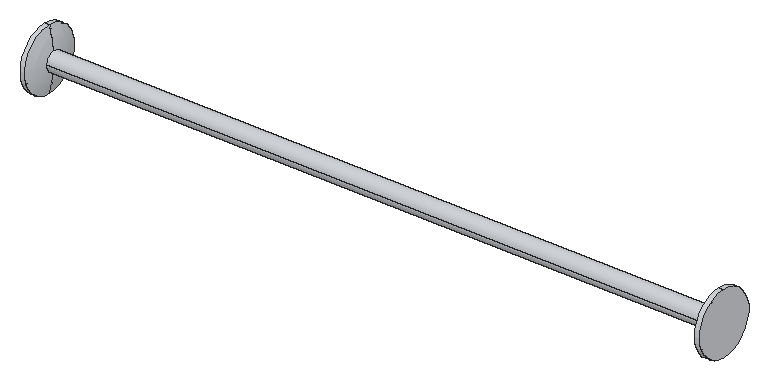
Revit family
Parameters
  Width = 0"
  Warranty Information = "n/a"
  Version = "1.0"
  URL = "http://www.bradleycorp.com/"
  Technical Data = "n/a"
  Percentage of Recycled Content = 0
  OmniClass Title = "Shower Rods"
  OmniClass Code = "23-31 17 31"
  Modeling Code = "n/a"
  Model = "9538-036 BradEX"
  Material Note = "n/a"
  Material = ""
  MasterFormat Title = "Commercial Toilet Accessories"
  MasterFormat Number = "10 28 13.13"
  Manufacturer = "Bradley Corporation"
  Low Emitting Material = yes
  Low Emitting Finish = yes
  Length = 36"
  LEED Credit = ""
  Installation Type = "Concealed Mounting"
  Industry Standards = "n/a"
  Height = 48"
  Fire Rating = "n/a"
  Description = "Shower Curtain Rod | Exposed Mounting | 1\" OD | 36\" L"
  Depth = 0"
  Copyright = "This Model Data is Property of Bradley Corporation"
  Complies to NAFTA = "n/a"
  Buy American Act = "To Be Determined"
  Assembly Code = "C1030200"
  Accessory Material = Metal - Bradley Corp - Stainless Steel-Satin
  ADA Compliant = "No"
Reference planes (in)
  plane 1 "Center (Front/Back)": y = 0
  plane 2: z = 0
  plane 3 "Center (Left/Right)": x = 0
  plane 4 "C.O. Shower Rod": z = 48
  plane 5 "Left End": x = -18
  plane 6 "Right End": x = 18
Forms (in)
  Extrusion 1, solid, detail levels medium+fine
    sketch origin (0, 0, 0) x (0, 1, 0) y (0, 0, 1)
      loop
        circle (0, 48) r 0.5
    from -18 to 18
  Extrusion 2, solid, detail levels medium+fine
    sketch origin (18, 0, 0) x (0, 0, 1) y (0, -1, 0)
      loop
        circle (48, 0) r 1.62
    from 0 to -0.5
  Revolve 3, void
    sketch origin (0, 0, 0) x (1, 0, 0) y (0, 0, 1)
      loop
        arc (17.5, 48) -> (17.56287, 48.81959) -> (17.75, 49.62) r 5.3738
        line (17.75, 49.62) -> (17.5, 49.62) -> (17.5, 48)
      axis (17.5, 48) -> (17.75, 48)
    angle from 0 to 360
  Extrusion 4, solid, detail levels medium+fine
    sketch origin (-18, 0, 0) x (0, 0, 1) y (0, -1, 0)
      loop
        circle (48, 0) r 1.62
    from 0 to 0.5
  Revolve 5, void
    sketch origin (0, 0, 0) x (-1, 0, 0) y (0, 0, 1)
      loop
        arc (17.5, 48) -> (17.56287, 48.81959) -> (17.75, 49.62) r 5.3738
        line (17.75, 49.62) -> (17.5, 49.62) -> (17.5, 48)
      axis (17.5, 48) -> (17.75, 48)
    angle from 0 to 360
Cuts and joins
  Revolve 3, Revolve 5 cuts Extrusion 2
  Revolve 5 cuts Extrusion 4
  joined: Extrusion 1, Extrusion 2, Extrusion 4
Lines and regions (in)
  model lines, detail levels coarse
    curve 1: line (-18, 0, 48) -> (18, 0, 48)
    curve 2: circle (-18, 0, 48) r 1.62 normal (1, 0, 0)
    curve 3: circle (18, 0, 48) r 1.62 normal (1, 0, 0)
  symbolic lines, style "Shower Curtain Rod", detail levels coarse
    curve 4: line (-18, 0, 0) -> (18, 0, 0)
Dimensions and locks (in)
  "Height": plane 4 "C.O. Shower Rod" to plane 2
  "Length": plane 6 "Right End" to plane 5 "Left End"
  equal spacing: plane 6 "Right End", plane 3 "Center (Left/Right)", plane 5 "Left End"
  aligned and locked: Extrusion 1 to plane 5 "Left End"
  aligned and locked: plane 6 "Right End" to Extrusion 1
  aligned and locked: curve 1 to plane 4 "C.O. Shower Rod"
  aligned and locked: cut or joined group of Extrusion 1, Extrusion 2, Revolve 3, Extrusion 4, Revolve 5 to plane 5 "Left End"
  aligned and locked: plane 1 "Center (Front/Back)" to curve 4
Automatic sketch dimensions
  curve 1 to plane 5 "Left End" = 0"
  curve 1 to plane 6 "Right End" = 0"
  Extrusion 1 sketch curve to plane 1 "Center (Front/Back)" = 0"
  Extrusion 1 sketch curve to plane 4 "C.O. Shower Rod" = 0"
  Extrusion 2 sketch curve to plane 1 "Center (Front/Back)" = 0"
  Extrusion 2 sketch curve to plane 4 "C.O. Shower Rod" = 0"
  Revolve 3 sketch curve to plane 4 "C.O. Shower Rod" = 0"  (x2)
  Revolve 3 sketch curve to plane 6 "Right End" = 0"
  Revolve 3 sketch curve to plane 6 "Right End" = 1/4"
  Revolve 3 sketch curve to Revolve 3 sketch curve = 1/4"
  Revolve 3 sketch curve to Revolve 3 sketch curve = 0"
  Revolve 3 sketch curve to Revolve 3 sketch curve = 4.8738"
  Revolve 5 sketch curve to plane 4 "C.O. Shower Rod" = 0"  (x2)
  Revolve 5 sketch curve to plane 5 "Left End" = 0"
  Revolve 5 sketch curve to plane 5 "Left End" = 1/4"
  Revolve 5 sketch curve to Revolve 5 sketch curve = 1/4"
  Revolve 5 sketch curve to Revolve 5 sketch curve = 0"
  plane 5 "Left End" to Revolve 5 sketch curve = 4.8738"
  curve 2 to plane 1 "Center (Front/Back)" = 0"
  curve 2 to plane 4 "C.O. Shower Rod" = 0"
  curve 3 to plane 1 "Center (Front/Back)" = 0"
  curve 3 to plane 4 "C.O. Shower Rod" = 0"
  Extrusion 4 sketch curve to plane 1 "Center (Front/Back)" = 0"
  Extrusion 4 sketch curve to plane 4 "C.O. Shower Rod" = 0"
  curve 4 to plane 5 "Left End" = 0"
  curve 4 to plane 6 "Right End" = 0"
  radius of Extrusion 1 sketch curve = 1/2"
  radius of Extrusion 2 sketch curve = 1.62"
  radius of curve 2 = 1.62"
  radius of curve 3 = 1.62"
  radius of Extrusion 4 sketch curve = 1.62"
